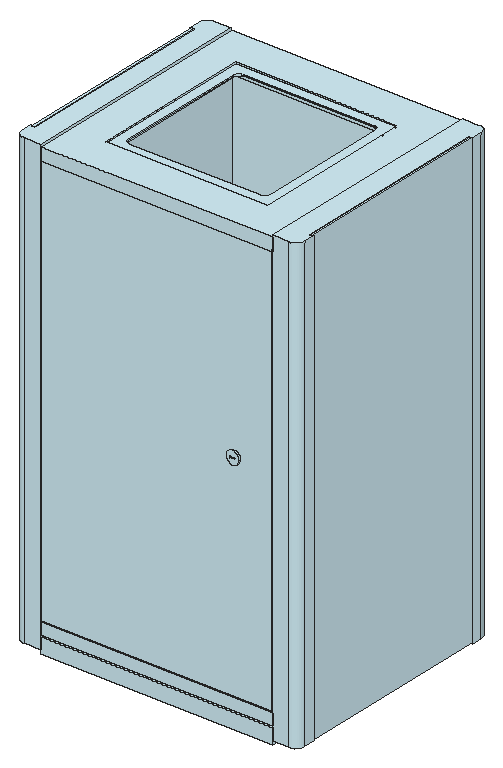
Revit family "Waste_Bin-Top_Opening-Magnuson-Front_Door-Lock", category Furniture, Revit 2014
Parameters (values of type "UMEA-10")
  Width = 22.000"
  Umea Lid Type = Umea-Lid : Single
  URL = "www.magnusongroup.com"
  Type Comments = "UMEA"
  Powder Coat Paint = Sky White
  Model = "UMEA-10"
  Manufacturer = "Magnuson Group"  # constant formula
  Lid Type = Empty : Null
  Keynote = ""
  Height = 35.500"
  Hardware = Hardware
  Door Width = Width - 4.000"  # 18.000"
  Door Type = Umea door : Single
  Description = "Single 40 gallon compartment waste receptacle with internal rigid liner and locking front opening. single top opening with painted or vinyl wrap side panel."
  Depth = 18.500"
  Cost = 1645
  Color/ Finish = "Body colors in Sky White, Britebond Silver or Mineral Bronze. Side panels/hood colors in Sky White. Britebond Silver, Mineral Brozne, Sea Green, Marigold Yellow, Marine Blue, Clementine Orange or vinyl wrape. Top insert colors in Sea Green, Marigold Yellow, Marine Blue, Clementine Orange, Sky White, Britebond Silver or Mineral Bronze."  # constant formula
Types (10): name | Width | Umea Lid Type | Model | Lid Type | Height | Door Width | Door Type | Description | Cost
  (no name) | 22.000" | Umea-Lid : Single | "UMEA-10" | Empty : Null | 35.500" | 18.000" | Umea door : Single | "Single 40 gallon compartment waste receptacle with internal rigid liner and locking front opening. single top opening with painted or vinyl wrap side panel." | 1645
  UMEA-10 | 22.000" | Umea-Lid : Single | "UMEA-10" | Empty : Null | 35.500" | 18.000" | Umea door : Single | "Single 40 gallon compartment waste receptacle with internal rigid liner and locking front opening. single top opening with painted or vinyl wrap side panel." | 1645
  UMEA-20 | 40.000" | Umea-Lid : Double | "UMEA-20" | Empty : Null | 35.500" | 36.000" | Umea door : Double | "Double 40 gallon compartment waste receptacle with two internal rigid liner and two locking front opening. Two top opening with painted or vinyl wrap side panel." | 2565
  UMEA-30 | 58.000" | Umea-Lid : Triple | "UMEA-30" | Empty : Null | 35.500" | 54.000" | Umea door : Triple | "Triple 40 gallon compartment waste receptacle with three internal rigid liner and three locking front opening. Three top opening with painted side panel." | 3595
  UMEA-11 | 22.000" | Umea-Lid : Single | "UMEA-11" | Flat Lid : Flt Lid | 44.750" | 18.000" | Umea door : Single | "Single 40 gallon compartment waste receptacle with internal rigid liner and locking front opening. single top opening with painted or vinyl wrap side panel. With flat hood." | 1920
  UMEA-12 | 22.000" | Umea-Lid : Single | "UMEA-12" | Angle Lid : Ang Lid | 46.750" | 18.000" | Umea door : Single | "Single 40 gallon compartment waste receptacle with internal rigid liner and locking front opening. single top opening with painted or vinyl wrap side panel. With angled hood" | 1990
  UMEA-21 | 40.000" | Umea-Lid : Double | "UMEA-21" | Flat Lid : Flt Lid | 44.750" | 36.000" | Umea door : Double | "Double 40 gallon compartment waste receptacle with two internal rigid liner and two locking front opening. Two top opening with painted or vinyl wrap side panel. With flat hood." | 2910
  UMEA-22 | 40.000" | Umea-Lid : Double | "UMEA-22" | Angle Lid : Ang Lid | 46.750" | 36.000" | Umea door : Double | "Double 40 gallon compartment waste receptacle with two internal rigid liner and two locking front opening. Two top opening with painted or vinyl wrap side panel. With angled hood." | 2980
  UMEA-31 | 58.000" | Umea-Lid : Triple | "UMEA-31" | Flat Lid : Flt Lid | 44.750" | 54.000" | Umea door : Triple | "Triple 40 gallon compartment waste receptacle with three internal rigid liner and three locking front opening. Three top opening with painted side panel.With flat hood." | 3990
  UMEA-32 | 58.000" | Umea-Lid : Triple | "UMEA-32" | Angle Lid : Ang Lid | 46.750" | 54.000" | Umea door : Triple | "Triple 40 gallon compartment waste receptacle with three internal rigid liner and three locking front opening. Three top opening with painted side panel.With angled hood." | 4525
Reference planes (in)
  plane 1 "Center (Front/Back)": y = 0
  plane 2: z = 0
  plane 3 "Center (Left/Right)": x = 0
  plane 4: x = 22
  plane 5: y = 9.25
  plane 6: y = -9.25
  plane 7: x = 2
  plane 8: x = 20
  plane 9: y = 7.75
  plane 10: y = -7.75
  plane 11: z = 34.5
  plane 12: z = 1.2
  plane 13: z = 2.2
  plane 14: z = 0.28
  plane 15: z = 1.33
  plane 16: z = 19
  plane 17: z = 34.37
  plane 18: z = 44.75
  plane 19 "top of lid": z = 35.5
  plane 20 "right hood": x = 21.7
  plane 21 "left hood": x = 0.3
  plane 22: z = 46.75
  plane 23: z = 35.5
Forms (in)
  Extrusion 1, solid, material "Sky White" <- "Powder Coat Paint"
    sketch origin (11, 0, 0) x (1, 0, 0) y (0, 1, 0)
      loop
        arc (-10.3, 9.25) -> (-10.79497, 9.04497) -> (-11, 8.55) r 0.7
        line (-11, 8.55) -> (-11, 7.75) -> (-10.7, 7.75) -> (-10.7, -7.75) -> (-11, -7.75) -> (-11, -8.55)
        arc (-11, -8.55) -> (-10.79497, -9.04497) -> (-10.3, -9.25) r 0.7
        line (-10.3, -9.25) -> (-9, -9.25) -> (-9, 9.25) -> (-10.3, 9.25)
      loop
        line (10.3, 9.25) -> (9, 9.25) -> (9, -9.25) -> (10.3, -9.25)
        arc (10.3, -9.25) -> (10.79497, -9.04497) -> (11, -8.55) r 0.7
        line (11, -8.55) -> (11, -7.75) -> (10.7, -7.75) -> (10.7, 7.75) -> (11, 7.75) -> (11, 8.55)
        arc (11, 8.55) -> (10.79497, 9.04497) -> (10.3, 9.25) r 0.7
    from 0.28 to 35.5
  Extrusion 2, solid, material "Sky White" <- "Powder Coat Paint"
    sketch origin (11, 0, 0) x (1, 0, 0) y (0, 1, 0)
      loop
        line (-9, 9.25) -> (-9, -9.25) -> (9, -9.25) -> (9, 9.25) -> (-9, 9.25)
    from 0 to 1.2
  Extrusion 3, solid, material "Sky White" <- "Powder Coat Paint"
    sketch origin (11, 0, 0) x (1, 0, 0) y (0, 1, 0)
      loop
        line (-9, 9.25) -> (-9, -9.25) -> (9, -9.25) -> (9, 9.25) -> (-9, 9.25)
    from 1.33 to 2.2
  Extrusion 4, solid, material "Sky White" <- "Powder Coat Paint"
    sketch origin (11, 0, 0) x (1, 0, 0) y (0, 1, 0)
      loop
        line (-9, 9.25) -> (-9, -9.05) -> (9, -9.05) -> (9, 9.25) -> (-9, 9.25)
      loop
        line (-8.9, 9.15) -> (-8.9, -8.95) -> (8.9, -8.95) -> (8.9, 9.15) -> (-8.9, 9.15)
    from 2.33 to 34.37
  Extrusion 5, solid, material "Sky White" <- "Powder Coat Paint"
    sketch origin (11, 0, 0) x (1, 0, 0) y (0, 1, 0)
      loop
        line (-10.7, 7.75) -> (-10.9, 7.75) -> (-10.9, -7.75) -> (-10.7, -7.75) -> (-10.7, 7.75)
      loop
        line (10.7, 7.75) -> (10.7, -7.75) -> (10.9, -7.75) -> (10.9, 7.75) -> (10.7, 7.75)
    from 0.28 to 35.5
Lines and regions (in)
  symbolic lines, style "FurnitureHiddenLines"
    curve 1: line (0.1, -7.75, 0) -> (0, -7.75, 0)
  symbolic lines
    curve 2: line (0, 8.55, 0) -> (0, 7.75, 0)
    curve 3: line (0, 7.75, 0) -> (0.1, 7.75, 0)
    curve 4: line (0.1, 7.75, 0) -> (0.1, -7.75, 0)
    curve 5: line (0, -7.75, 0) -> (0, -8.55, 0)
    curve 6: arc (0, -8.55, 0) -> (0.20503, -9.04497, 0) -> (0.7, -9.25, 0) r 0.7
    curve 7: line (0.7, -9.25, 0) -> (21.3, -9.25, 0)
    curve 8: arc (21.3, -9.25, 0) -> (21.79497, -9.04497, 0) -> (22, -8.55, 0) r 0.7
    curve 9: line (22, -8.55, 0) -> (22, -7.75, 0)
    curve 10: line (22, -7.75, 0) -> (21.9, -7.75, 0)
    curve 11: line (21.9, -7.75, 0) -> (21.9, 7.75, 0)
    curve 12: line (21.9, 7.75, 0) -> (22, 7.75, 0)
    curve 13: line (22, 7.75, 0) -> (22, 8.55, 0)
    curve 14: arc (22, 8.55, 0) -> (21.79497, 9.04497, 0) -> (21.3, 9.25, 0) r 0.7
    curve 15: line (21.3, 9.25, 0) -> (0.7, 9.25, 0)
    curve 16: arc (0.7, 9.25, 0) -> (0.20503, 9.04497, 0) -> (0, 8.55, 0) r 0.7
Dimensions and locks (in)
  equal spacing: plane 5, plane 1 "Center (Front/Back)", plane 6
  "Depth": plane 5 to plane 6
  locked: plane 8 to plane 4 at 2
  plane 18 to plane 19 "top of lid" = 9.250"
  locked: plane 19 "top of lid" to plane 2 at 35.5
  locked: plane 8 to plane 20 "right hood" at 1.7
  locked: plane 21 "left hood" to plane 7 at 1.7
  plane 22 to plane 19 "top of lid" = 11.250"
  "Height": plane 23 to plane 2
  "Width": plane 3 "Center (Left/Right)" to plane 4
  aligned and locked: level to plane 2
  aligned and locked: plane 6 to nested 1
  aligned and locked: curve 15 to Extrusion 1
Automatic sketch dimensions
  Extrusion 1 sketch curve to plane 9 = 0.000"  (x2)
  Extrusion 1 sketch curve to plane 10 = 0.000"  (x2)
  plane 6 to Extrusion 1 sketch curve = 0.000"  (x2)
  Extrusion 1 sketch curve to plane 5 = 0.000"  (x2)
  Extrusion 1 sketch curve to plane 7 = 0.000"
  Extrusion 1 sketch curve to plane 8 = 0.000"
  Extrusion 1 sketch curve to plane 4 = 0.000"  (x2)
  Extrusion 1 sketch curve to Extrusion 1 sketch curve = 0.300"  (x2)
  plane 4 to Extrusion 1 sketch curve = 0.700"  (x2)
  plane 6 to Extrusion 2 sketch curve = 0.000"
  Extrusion 2 sketch curve to plane 7 = 0.000"
  Extrusion 2 sketch curve to plane 8 = 0.000"
  Extrusion 2 sketch curve to plane 5 = 0.000"
  plane 6 to Extrusion 3 sketch curve = 0.000"
  Extrusion 3 sketch curve to plane 7 = 0.000"
  Extrusion 3 sketch curve to plane 8 = 0.000"
  Extrusion 3 sketch curve to plane 5 = 0.000"
  Extrusion 4 sketch curve to plane 6 = 0.200"
  Extrusion 4 sketch curve to plane 7 = 0.000"
  Extrusion 4 sketch curve to plane 5 = 0.000"
  Extrusion 4 sketch curve to plane 8 = 0.000"
  plane 7 to Extrusion 4 sketch curve = 0.100"
  Extrusion 4 sketch curve to plane 8 = 0.100"
  Extrusion 4 sketch curve to plane 6 = 0.300"
  Extrusion 4 sketch curve to plane 5 = 0.100"
  Extrusion 5 sketch curve to plane 9 = 0.000"  (x2)
  Extrusion 5 sketch curve to plane 10 = 0.000"  (x2)
  Extrusion 5 sketch curve to Extrusion 5 sketch curve = 0.200"
  plane 4 to Extrusion 5 sketch curve = 0.300"
  plane 4 to Extrusion 5 sketch curve = 0.100"
  Extrusion 1 sketch curve to plane 3 "Center (Left/Right)" = 0.000"  (x2)
  Extrusion 1 sketch curve to plane 21 "left hood" = 0.400"  (x2)
  Extrusion 5 sketch curve to plane 21 "left hood" = 0.000"
  curve 16 to plane 3 "Center (Left/Right)" = 0.000"
  curve 1 to plane 3 "Center (Left/Right)" = 0.000"
  curve 3 to plane 9 = 0.000"
  curve 1 to plane 10 = 0.000"
  plane 6 to curve 6 = 0.000"
  curve 11 to plane 10 = 0.000"
  curve 11 to plane 9 = 0.000"
  curve 14 to plane 4 = 0.000"
  curve 10 to plane 4 = 0.000"
  plane 3 "Center (Left/Right)" to curve 3 = 0.100"
  curve 7 to plane 21 "left hood" = 0.400"
  curve 16 to plane 21 "left hood" = 0.400"
  curve 8 to plane 20 "right hood" = 0.400"
  curve 15 to plane 20 "right hood" = 0.400"
  plane 4 to curve 11 = 0.100"
Nested families (in)
  nested 1: "Empty" at (0, -9.25, 0), type <- "Lid Type", Width <- "Width", Height <- "Height", Depth <- "Depth", type "Null"
    with Width 22.000", Height 35.500", Depth 18.500"
  nested 2: "Umea-Lid" at (2, 0, 34.37), type <- "Umea Lid Type", type "Single"
    with Width 18.000"
  nested 3: "Umea door" at (0, -9.25, 0), type <- "Door Type", type "Single"
Definition of nested family "Umea-Lid"
  Parameters (values of type "Triple")
    Width [instance] = 18.000"
    R = yes
    Powder Coat Paint = Sky White
    P = yes
  Types (3): name | R | P
    Single | no | no
    Double | yes | no
    Triple | yes | yes
  Reference planes (in)
    plane 1 "Center (Front/Back)": y = 0
    plane 2: z = 0
    plane 3 "Center (Left/Right)": x = 0
    plane 4: x = 18
    plane 5: y = 9.25
    plane 6: y = -9.25
    plane 7: z = 1
    plane 8: y = 6.331
    plane 9: x = 15.331
    plane 10: y = -6.331
    plane 11: x = 2.669
    plane 12: z = 0.9
    plane 13: z = 0.8
    plane 14: y = 6.331
    plane 15: y = -6.331
  Forms (in)
    Extrusion 1, solid, material "Sky White" <- "Powder Coat Paint", visible <- "P"
      sketch origin (45, 0, 0) x (1, 0, 0) y (0, 1, 0)
        loop
          line (-7, 7.25) -> (-7, -7.25) -> (7, -7.25) -> (7, 7.25) -> (-7, 7.25)
        loop
          arc (6.36396, 4.94975) -> (6.36396, 6.36396) -> (4.94975, 6.36396) r 1
          line (4.94975, 6.36396) -> (-6.36396, -4.94975)
          arc (-6.36396, -4.94975) -> (-6.36396, -6.36396) -> (-4.94975, -6.36396) r 1
          line (-4.94975, -6.36396) -> (6.36396, 4.94975)
      from 0.8 to 0.9
    Extrusion 2, solid, material "Sky White" <- "Powder Coat Paint", visible <- "P"
      sketch origin (45, 0, 0) x (1, 0, 0) y (0, 1, 0)
        loop
          line (-9, 9.25) -> (-9, -9.25) -> (9, -9.25) -> (9, 9.25) -> (-9, 9.25)
        loop
          line (-7, 7.25) -> (-7, -7.25) -> (7, -7.25) -> (7, 7.25) -> (-7, 7.25)
      from 0 to 1
    Extrusion 3, solid, material "Sky White" <- "Powder Coat Paint", visible <- "R"
      sketch origin (27, 0, 0) x (-1, 0, 0) y (0, -1, 0)
        loop
          line (-9, -9.25) -> (9, -9.25) -> (9, 9.25) -> (-9, 9.25) -> (-9, -9.25)
        loop
          line (-6.331, -6.331) -> (6.331, -6.331) -> (6.331, 6.331) -> (-6.331, 6.331) -> (-6.331, -6.331)
      from 0 to 1
    Extrusion 4, solid, material "Sky White" <- "Powder Coat Paint", visible <- "R"
      sketch origin (27, 0, 0) x (-1, 0, 0) y (0, -1, 0)
        loop
          line (-6.331, -6.331) -> (6.331, -6.331) -> (6.331, 6.331) -> (-6.331, 6.331) -> (-6.331, -6.331)
        loop
          circle (0, 0) r 4
      from 0.8 to 0.9
    Extrusion 5, solid, material "Sky White" <- "Powder Coat Paint"
      sketch origin (9, 0, 0) x (-1, 0, 0) y (0, -1, 0)
        loop
          line (-6.331, -6.331) -> (6.331, -6.331) -> (6.331, 6.331) -> (-6.331, 6.331) -> (-6.331, -6.331)
        loop
          line (-5.031, -5.531) -> (5.031, -5.531)
          arc (5.031, -5.531) -> (5.38455, -5.38455) -> (5.531, -5.031) r 0.5
          line (5.531, -5.031) -> (5.531, 5.031)
          arc (5.531, 5.031) -> (5.38455, 5.38455) -> (5.031, 5.531) r 0.5
          line (5.031, 5.531) -> (-5.031, 5.531)
          arc (-5.031, 5.531) -> (-5.38455, 5.38455) -> (-5.531, 5.031) r 0.5
          line (-5.531, 5.031) -> (-5.531, -5.031)
          arc (-5.531, -5.031) -> (-5.38455, -5.38455) -> (-5.031, -5.531) r 0.5
      from 0.8 to 0.9
    Extrusion 6, solid, material "Sky White" <- "Powder Coat Paint"
      sketch origin (9, 0, 0) x (-1, 0, 0) y (0, -1, 0)
        loop
          line (-9, -9.25) -> (9, -9.25) -> (9, 9.25) -> (-9, 9.25) -> (-9, -9.25)
        loop
          line (-6.331, -6.331) -> (6.331, -6.331) -> (6.331, 6.331) -> (-6.331, 6.331) -> (-6.331, -6.331)
      from 0 to 1
  Lines and regions (in)
    symbolic lines, style "FurnitureHiddenLines"
      curve 1: line (2.669, 6.331, 0) -> (15.331, 6.331, 0)
      curve 2: line (2.669, -6.331, 0) -> (2.669, 6.331, 0)
      curve 3: line (15.331, -6.331, 0) -> (2.669, -6.331, 0)
      curve 4: line (15.331, 6.331, 0) -> (15.331, -6.331, 0)
      curve 5: line (3.969, -5.531, 0) -> (14.031, -5.531, 0)
      curve 6: arc (14.031, -5.531, 0) -> (14.38455, -5.38455, 0) -> (14.531, -5.031, 0) r 0.5
      curve 7: line (14.531, -5.031, 0) -> (14.531, 5.031, 0)
      curve 8: arc (14.531, 5.031, 0) -> (14.38455, 5.38455, 0) -> (14.031, 5.531, 0) r 0.5
      curve 9: line (14.031, 5.531, 0) -> (3.969, 5.531, 0)
      curve 10: arc (3.969, 5.531, 0) -> (3.61545, 5.38455, 0) -> (3.469, 5.031, 0) r 0.5
      curve 11: line (3.469, 5.031, 0) -> (3.469, -5.031, 0)
      curve 12: arc (3.469, -5.031, 0) -> (3.61545, -5.38455, 0) -> (3.969, -5.531, 0) r 0.5
    symbolic lines, style "FurnitureHiddenLines", visible <- "R"
      curve 13: line (20.669, 6.331, 0) -> (33.331, 6.331, 0)
      curve 14: line (20.669, -6.331, 0) -> (20.669, 6.331, 0)
      curve 15: line (33.331, -6.331, 0) -> (20.669, -6.331, 0)
      curve 16: line (33.331, 6.331, 0) -> (33.331, -6.331, 0)
      curve 17: circle (27, 0, 0) r 4 normal (0, 0, 1)
    symbolic lines, style "FurnitureHiddenLines", visible <- "P"
      curve 18: line (38, 7.25, 0) -> (52, 7.25, 0)
      curve 19: line (38, -7.25, 0) -> (38, 7.25, 0)
      curve 20: line (52, -7.25, 0) -> (38, -7.25, 0)
      curve 21: line (52, 7.25, 0) -> (52, -7.25, 0)
      curve 22: line (49.94975, 6.36396, 0) -> (38.63604, -4.94975, 0)
      curve 23: arc (38.63604, -4.94975, 0) -> (38.63604, -6.36396, 0) -> (40.05025, -6.36396, 0) r 1
      curve 24: line (40.05025, -6.36396, 0) -> (51.36396, 4.94975, 0)
      curve 25: arc (51.36396, 4.94975, 0) -> (51.36396, 6.36396, 0) -> (49.94975, 6.36396, 0) r 1
  Dimensions and locks (in)
    equal spacing: plane 6, plane 1 "Center (Front/Back)", plane 5
    plane 7 to plane 2 = 1.000"
    plane 5 to plane 6 = 18.500"
    plane 3 "Center (Left/Right)" to plane 11 to plane 9 = 2.669", 12.662"
    plane 8 to plane 1 "Center (Front/Back)" to plane 10 = 6.331", 6.331"
    plane 14 to plane 15 = 12.662"
    aligned and locked: level to plane 2
  Automatic sketch dimensions
    Extrusion 1 sketch curve to plane 10 = 0.919"
    Extrusion 1 sketch curve to plane 4 = 20.000"
    plane 10 to Extrusion 1 sketch curve = 1.38125"
    Extrusion 1 sketch curve to Extrusion 1 sketch curve = 0.63604"
    Extrusion 1 sketch curve to Extrusion 1 sketch curve = 0.70711"  (x4)
    Extrusion 1 sketch curve to plane 10 = 0.03296"
    plane 8 to Extrusion 1 sketch curve = 0.03296"
    Extrusion 1 sketch curve to Extrusion 1 sketch curve = 11.94975"
    Extrusion 1 sketch curve to plane 8 = 1.38125"
    plane 8 to Extrusion 1 sketch curve = 0.919"
    Extrusion 1 sketch curve to Extrusion 1 sketch curve = 1.34315"
    plane 6 to Extrusion 2 sketch curve = 0.000"
    Extrusion 2 sketch curve to plane 5 = 0.000"
    Extrusion 2 sketch curve to plane 4 = 18.000"
    plane 8 to Extrusion 2 sketch curve = 0.919"
    Extrusion 2 sketch curve to Extrusion 2 sketch curve = 2.000"  (x2)
    Extrusion 2 sketch curve to Extrusion 2 sketch curve = 14.000"
    Extrusion 2 sketch curve to plane 10 = 0.919"
    plane 6 to Extrusion 3 sketch curve = 0.000"
    Extrusion 3 sketch curve to plane 5 = 0.000"
    plane 8 to Extrusion 3 sketch curve = 0.000"
    plane 10 to Extrusion 3 sketch curve = 0.000"
    Extrusion 3 sketch curve to plane 4 = 0.000"
    Extrusion 3 sketch curve to plane 4 = 2.669"
    Extrusion 3 sketch curve to Extrusion 3 sketch curve = 12.662"
    Extrusion 3 sketch curve to Extrusion 3 sketch curve = 2.669"
    plane 10 to Extrusion 4 sketch curve = 0.000"
    plane 8 to Extrusion 4 sketch curve = 0.000"
    plane 1 "Center (Front/Back)" to Extrusion 4 sketch curve = 0.000"
    Extrusion 4 sketch curve to plane 4 = 15.331"
    Extrusion 4 sketch curve to Extrusion 4 sketch curve = 6.331"
    Extrusion 4 sketch curve to plane 4 = 2.669"
    Extrusion 5 sketch curve to plane 9 = 0.000"
    Extrusion 5 sketch curve to plane 10 = 0.000"
    Extrusion 5 sketch curve to plane 11 = 0.000"
    Extrusion 5 sketch curve to plane 8 = 0.000"
    Extrusion 5 sketch curve to plane 9 = 0.800"
    Extrusion 5 sketch curve to Extrusion 5 sketch curve = 0.500"  (x3)
    plane 11 to Extrusion 5 sketch curve = 1.300"  (x2)
    Extrusion 5 sketch curve to plane 8 = 0.800"
    plane 10 to Extrusion 5 sketch curve = 1.300"
    Extrusion 6 sketch curve to plane 4 = 0.000"
    Extrusion 6 sketch curve to plane 8 = 0.000"
    Extrusion 6 sketch curve to plane 9 = 0.000"
    Extrusion 6 sketch curve to plane 11 = 0.000"
    Extrusion 6 sketch curve to plane 3 "Center (Left/Right)" = 0.000"
    Extrusion 6 sketch curve to plane 5 = 0.000"
    Extrusion 6 sketch curve to plane 10 = 0.000"
    plane 6 to Extrusion 6 sketch curve = 0.000"
    curve 1 to plane 8 = 0.000"
    curve 1 to plane 11 = 0.000"
    curve 4 to plane 9 = 0.000"
    plane 10 to curve 15 = 0.000"
    plane 8 to curve 14 = 0.000"
    plane 1 "Center (Front/Back)" to curve 17 = 0.000"
    curve 4 to plane 10 = 0.000"
    plane 11 to curve 11 = 0.800"
    curve 11 to curve 5 = 0.500"
    curve 10 to curve 10 = 0.500"
    curve 5 to plane 9 = 1.300"
    curve 8 to plane 9 = 1.300"
    curve 6 to curve 7 = 0.500"
    curve 15 to plane 4 = 2.669"
    curve 13 to curve 17 = 6.331"
    curve 17 to curve 16 = 6.331"
    curve 20 to plane 10 = 0.919"
    curve 15 to curve 20 = 4.669"
    plane 10 to curve 22 = 1.38125"
    curve 19 to curve 22 = 0.63604"
    plane 10 to curve 23 = 0.67415"
    curve 22 to curve 23 = 0.70711"
    curve 24 to plane 10 = 0.03296"
    curve 25 to plane 8 = 0.67415"
    curve 18 to curve 25 = 12.65685"
    curve 23 to curve 21 = 11.94975"
    plane 10 to curve 5 = 0.800"
    curve 10 to plane 8 = 1.300"
    plane 8 to curve 18 = 0.919"
    curve 25 to curve 25 = 0.70711"
    plane 8 to curve 22 = 0.03296"
    curve 25 to curve 24 = 0.70711"
    radius of Extrusion 4 sketch curve = 4.000"
    radius of curve 17 = 4.000"
Definition of nested family "Umea door"
  Parameters (values of type "Single")
    Triple = no
    Powder Coat Paint = Sky White
    Hardware = Hardware
    Double = no
  Types (3): name | Triple | Double
    Triple | yes | yes
    Double | no | yes
    Single | no | no
  Reference planes (in)
    plane 1 "Center (Front/Back)": y = 0
    plane 2: z = 0
    plane 3: x = -9
    plane 4: x = 9
    plane 5: z = 2.33
    plane 6: z = 34.5
    plane 7: x = -8.935
    plane 8: x = 8.935
    plane 9: y = 0.2
    plane 10: z = 19
  Forms (in)
    Extrusion 1, solid, material "Sky White" <- "Powder Coat Paint"
      sketch origin (11, 0, 0) x (1, 0, 0) y (0, 1, 0)
        loop
          line (-8.935, 0.2) -> (-8.935, 0) -> (8.935, 0) -> (8.935, 0.2) -> (-8.935, 0.2)
      from 2.33 to 34.5
    Extrusion 2, solid, material "Sky White" <- "Powder Coat Paint"
      sketch origin (11, 0, 0) x (1, 0, 0) y (0, 0, 1)
        loop
          circle (6, 19) r 0.5
        loop
          line (5.7801, 19.0733) -> (5.7801, 18.9267) -> (6.2199, 18.9267) -> (6.2199, 19.0733) -> (5.7801, 19.0733)
      from 0 to 0.1
    Extrusion 3, solid, material "Sky White" <- "Powder Coat Paint", visible <- "Double"
      sketch origin (29, 0, 0) x (1, 0, 0) y (0, 1, 0)
        loop
          line (-8.935, 0.2) -> (-8.935, 0) -> (8.935, 0) -> (8.935, 0.2) -> (-8.935, 0.2)
      from 2.33 to 34.5
    Extrusion 4, solid, material "Sky White" <- "Powder Coat Paint", visible <- "Double"
      sketch origin (29, 0, 0) x (1, 0, 0) y (0, 0, 1)
        loop
          circle (6, 19) r 0.5
        loop
          line (5.7801, 19.0733) -> (5.7801, 18.9267) -> (6.2199, 18.9267) -> (6.2199, 19.0733) -> (5.7801, 19.0733)
      from 0 to 0.1
    Extrusion 5, solid, material "Sky White" <- "Powder Coat Paint", visible <- "Triple"
      sketch origin (47, 0, 0) x (1, 0, 0) y (0, 1, 0)
        loop
          line (-8.935, 0.2) -> (-8.935, 0) -> (8.935, 0) -> (8.935, 0.2) -> (-8.935, 0.2)
      from 2.33 to 34.5
    Extrusion 6, solid, material "Sky White" <- "Powder Coat Paint", visible <- "Triple"
      sketch origin (47, 0, 0) x (1, 0, 0) y (0, 0, 1)
        loop
          circle (6, 19) r 0.5
        loop
          line (5.7801, 19.0733) -> (5.7801, 18.9267) -> (6.2199, 18.9267) -> (6.2199, 19.0733) -> (5.7801, 19.0733)
      from 0 to 0.1
  Lines and regions (in)
    symbolic lines, style "FurnitureHiddenLines", not visible, detail levels medium+fine
      curve 1: line (8.935, 0, 34.5) -> (-8.935, 0, 18.415)
      curve 2: line (-8.935, 0, 18.415) -> (8.935, 0, 2.33)
    symbolic lines, style "FurnitureHiddenLines", visible <- "Double", detail levels medium+fine
      curve 3: line (8.935, 0, 34.5) -> (0.065, 0, 18.415)
      curve 4: line (0.065, 0, 18.415) -> (8.935, 0, 2.33)
      curve 5: line (-0.065, 0, 34.5) -> (-8.935, 0, 18.415)
      curve 6: line (-8.935, 0, 18.415) -> (-0.065, 0, 2.33)
    symbolic lines, style "FurnitureHiddenLines", visible <- "Triple", detail levels medium+fine
      curve 7: line (8.935, 0, 34.5) -> (3.065, 0, 18.415)
      curve 8: line (3.065, 0, 18.415) -> (8.935, 0, 2.33)
      curve 9: line (2.935, 0, 34.5) -> (-2.935, 0, 18.415)
      curve 10: line (-2.935, 0, 18.415) -> (2.935, 0, 2.33)
      curve 11: line (-3.065, 0, 34.5) -> (-8.935, 0, 18.415)
      curve 12: line (-8.935, 0, 18.415) -> (-3.065, 0, 2.33)
  Dimensions and locks (in)
    plane 5 to plane 2 = 2.330"
    plane 10 to plane 2 = 19.000"
    aligned and locked: level to plane 2
Definition of nested family "Empty"
  Parameters (values of type "Null")
    Width [instance] = 0.000"
    Height [instance] = 0.000"
    Depth [instance] = 0.000"
  Reference planes (in)
    plane 1 "Center Front/Back": y = 0
    plane 2: z = 0
    plane 3 "Center Left/Right": x = 0
  Dimensions and locks (in)
    aligned and locked: level to plane 2
